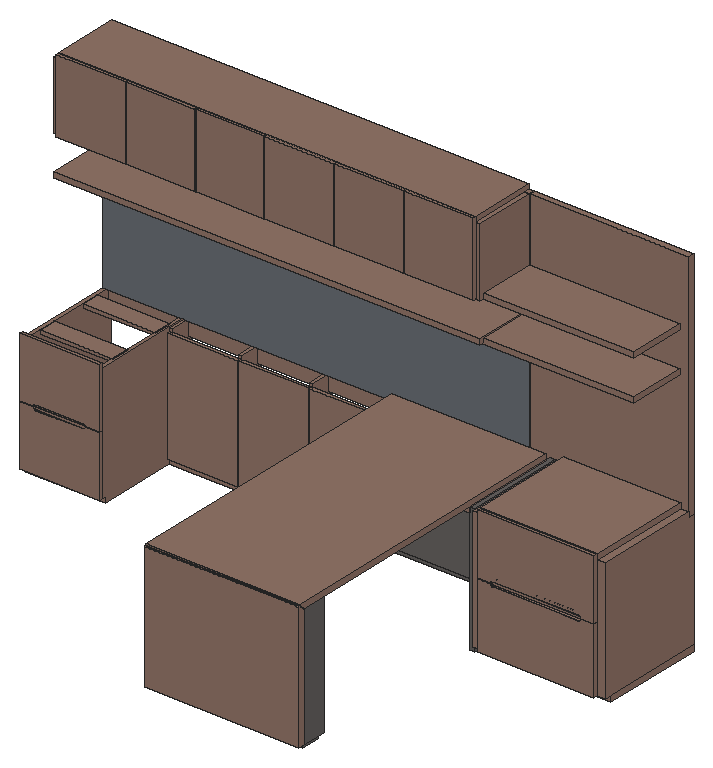
Revit family "OFS TYPICAL T100011", category Furniture, Revit 2022
Family settings
  OmniClass Number = 23.40.20.00
  OmniClass Title = General Furniture and Specialties
  Work Plane-Based = No
  Always vertical = Yes
  Cut with Voids When Loaded = No
  Render Appearance Source = Family Geometry
  Shared = No
  Room Calculation Point = No
Parameters (values of type "T100011")
  Worksurface [instance] = OFS SLATE Dark Wood
  URL = "http://ofs.com/"
  Right = no
  Model = "T100011"
  Manufacturer = "OFS"
  Description = "OFS TYPICAL T100011"
  Default Elevation = 0' - 0"
  Copyright © = "©OFS 2024"
  Catalog = ""
  Authoring Version = "Autodesk Revit 2018"
  Assembly Code = "E2020200"
Reference planes (in)
  plane 1 "Center Front/Back": y = 0
  plane 2: z = 0
  plane 3 "Center Left/Right": x = 0
Forms (in)
  Extrusion 1, solid, material "OFS SLATE Dark Wood" <- "Worksurface", visible <- "Right"
    sketch origin (-98.5, -34.8125, 0) x (-1, 0, 0) y (0, 0, -1)
      loop
        line (-2.5, -29.16972) -> (-2.5, -28) -> (-68.91556, -28) -> (-69.87153, -28.95597)
        arc (-69.87153, -28.95597) -> (-69.89868, -29.09242) -> (-69.783, -29.16972) r 0.12521
        line (-69.783, -29.16972) -> (-2.5, -29.16972)
    from -10.03839 to -34.8125
Dimensions and locks (in)
  nested 4 to nested 3 = 11' - 0"
  nested 3 to nested 5 = 11' - 0"
  aligned and locked: level to plane 2
Nested families (in)
  nested 1: "OFS SLATE MODULAR PEDESTAL" at (-96, 0.0625, 0), type "Modular Pedestal Center Pull"
    with Top OFS SLATE Dark Wood, Panel OFS SLATE Dark Wood, Mount Panel OFS SLATE Dark Wood, Glides OFS SLATE Black Plastic, Drawers OFS SLATE Dark Wood, Base OFS SLATE Dark Wood
  nested 2: "OFS SLATE MODULAR ACCESS KNEESPACE SUPPORT PANEL" at (-72.0625, 4.75, 0), type "MODULAR ACCESS KNEESPACE SUPPORT PANEL 3 Doors 48W"
    with Surface OFS SLATE Dark Wood
  nested 3: "OFS SLATE WALLMOUNT PANEL WITH SHELF VENEER PARTIAL HEIGHT B" at (18, -12, 0), type "WALLMOUNT PANEL WITH RIGHT SHELF VENEER 3.5H 36in - 1.5H Shelf"
    with Chasis OFS SLATE Dark Wood, C6J Intermediate Shelf yes, C6J yes
  nested 4: "OFS SLATE WALLMOUNT PANEL FABRIC COVERED 2H" at (-48, -12, 0), type "WALLMOUNT PANEL FABRIC COVERED 2H 96""
    with Panel OFS SLATE Fabric Cover
  nested 5: "OFS SLATE OVERLAY WALLMOUNT ORGANIZER W HINGED DOORS _ OPEN SHELF 1.5H" at (-48, -12, 0), type "OVERLAY WALLMOUNT ORGANIZER W 6 HINGED DOORS & OPEN SHELF 1.5H 96""
    with Glides OFS SLATE Black Plastic, Front Panel Finish OFS SLATE Dark Wood, Chasis OFS SLATE Dark Wood
  nested 6: "OFS SLATE WORKWALL OVERLAY CREDENZAS" at (6.00726, 0.0026, 0), type "SLATE WORKWALL OVERLAY CREDENZA LATERAL FILE 36""
    with Width 2' - 6", Top OFS Dark Wood, Panel OFS Dark Wood, Length 2 0' - 0.063", Length 1 1' - 7.255", Glides OFS Black Plastic, Drawers OFS Dark Wood, Case OFS Dark Wood, Base OFS Dark Wood, 6 Drawers no, 4 Drawers no, 2 Drawers yes
  nested 7: "OFS SLATE OVERLAY WORK TABLE HEIGHT ADJUSTABLE Workwall" at (6, 0, 0) x (0, -1, 0) z (0, 0, 1), type "OVERLAY WORK TABLE HEIGHT ADJUSTABLE 72W x 36D Right- Workwall"
    with Worksurface OFS SLATE Dark Wood, Panel OFS SLATE Black Wood, Feet OFS SLATE White Glide
Definition of nested family "OFS SLATE MODULAR PEDESTAL"
  Parameters (values of type "Modular Pedestal Top Pull")
    URL = "http://www.ofs.com/"
    Type = 1
    Top [instance] = none
    Panel [instance] = none
    Mount Panel [instance] = none
    Model = "CA-1824MC-1"
    Manufacturer = "CAROLINA"
    Glides [instance] = none
    Drawers [instance] = none
    Description = "OFS SLATE Modular Pedestal Top Pull"
    Default Elevation = 0' - 0"
    Copyright © = "© 2019 OFS"
    Catalog = "https://ofs.com/products/tables/conference/slate"
    Base [instance] = none
    Authoring Version = "Autodesk Revit Architecture 2014"
    Assembly Code = "E2020200"
    Center Pull = or(Type = 2, Type = 4, Type = 6)  # no
    Top Pull = or(Type = 1, Type = 3, Type = 5)  # yes
  Types (2): name | Type | Model | Description | Center Pull | Top Pull
    Modular Pedestal Center Pull | 2 | "CA-1824MC-2" | "OFS SLATE Modular Pedestal Center Pull" | yes | no
    Modular Pedestal Top Pull | 1 | "CA-1824MC-1" | "OFS SLATE Modular Pedestal Top Pull" | no | yes
  Reference planes (in)
    plane 1 "Center (Front/Back)": y = 0
    plane 2: z = 0
    plane 3 "Center (Left/Right)": x = 0
    plane 4: z = 29.2
    plane 5: z = 28.0125
    plane 6: z = 27.2625
    plane 7: z = 14.45
    plane 8: z = 15.48125
    plane 9: z = 0.45
    plane 10: x = 17.9375
    plane 11: y = -24.83661
  Forms (in)
    Revolve 1, solid, material <- "Glides"
      sketch origin (1.39612, -1.00602, 47.24409) x (0, -1, 0) y (0, 0, 1)
        loop
          line (0.3731, -47.24409) -> (0.3731, -46.79409) -> (0.08442, -46.79409) -> (0.08442, -46.99165)
          arc (0.08442, -46.99165) -> (-0.00059, -47.13636) -> (0.1281, -47.24409) r 0.12988
          line (0.1281, -47.24409) -> (0.3731, -47.24409)
        axis (0.3731, -46.79409) -> (0.3731, -47.24409)
      angle from 0 to 360
    Extrusion 2, solid, material <- "Mount Panel"
      sketch origin (40.3125, 0, 0) x (1, 0, 0) y (0, 0, 1)
        loop
          line (-39.5625, 0.45) -> (-23.0625, 0.45) -> (-23.0625, 4.45) -> (-39.5625, 4.45) -> (-39.5625, 0.45)
      from 0.75 to 0
    Extrusion 3, solid, material <- "Mount Panel"
      sketch origin (40.3125, 0, 0) x (1, 0, 0) y (0, 0, 1)
        loop
          line (-39.5625, 24.0125) -> (-23.0625, 24.0125) -> (-23.0625, 28.0125) -> (-39.5625, 28.0125) -> (-39.5625, 24.0125)
      from 0.75 to 0
    Extrusion 4, void
      sketch origin (0, 0, 0) x (1, 0, 0) y (0, 0, 1)
        loop
          line (14.39288, 15.98125) -> (3.67828, 15.98125)
          arc (3.67828, 15.98125) -> (3.11697, 15.41999) -> (3.67819, 14.85862) r 0.56131
          line (3.67819, 14.85862) -> (14.39278, 14.85678)
          arc (14.39278, 14.85678) -> (14.95511, 15.41897) -> (14.39288, 15.98125) r 0.56224
      from 24.51989 to 28.22893
    Extrusion 5, solid, material <- "Base"
      sketch origin (-71.875, 0, 1.7) x (0, -1, 0) y (-1, 0, 0)
        loop
          line (16, -72.625) -> (16, -89.125) -> (20, -89.125) -> (20, -72.625) -> (16, -72.625)
      from -25.5625 to -26.3125
    Extrusion 6, solid, material <- "Base"
      sketch origin (-71.875, 0, 1.7) x (0, -1, 0) y (-1, 0, 0)
        loop
          line (4, -72.625) -> (4, -89.125) -> (8, -89.125) -> (8, -72.625) -> (4, -72.625)
      from -25.5625 to -26.3125
    Revolve 7, solid, material <- "Glides"
      sketch origin (1.39612, -21.38014, 47.24409) x (0, -1, 0) y (0, 0, 1)
        loop
          line (0.3731, -47.24409) -> (0.3731, -46.79409) -> (0.08442, -46.79409) -> (0.08442, -46.99165)
          arc (0.08442, -46.99165) -> (-0.00059, -47.13636) -> (0.1281, -47.24409) r 0.12988
          line (0.1281, -47.24409) -> (0.3731, -47.24409)
        axis (0.3731, -46.79409) -> (0.3731, -47.24409)
      angle from 0 to 360
    Extrusion 8, solid, material <- "Panel"
      sketch origin (-71.875, 0, 1.7) x (0, -1, 0) y (-1, 0, 0)
        loop
          line (0.75, -72.625) -> (0.75, -89.125) -> (23.0625, -89.125) -> (23.0625, -72.625) -> (0.75, -72.625)
      from 1.25 to -0.75
    Extrusion 9, solid, material <- "Panel"
      sketch origin (50, 0, 0) x (1, 0, 0) y (0, 0, 1)
        loop
          line (-32.75, 28.0125) -> (-32.75, 0.45) -> (-32.0625, 0.45) -> (-32.0625, 28.0125) -> (-32.75, 28.0125)
      from 23.9375 to 0
    Extrusion 10, solid, material <- "Drawers"
      sketch origin (118.00657, -24, -10.53379) x (1, 0, 0) y (0, 0, 1)
        loop
          line (-117.94407, 39.67129) -> (-117.94407, 26.01504) -> (-100.06907, 26.01504) -> (-100.06907, 39.67129) -> (-117.94407, 39.67129)
        loop
          line (-117.94407, 12.23379) -> (-100.06907, 12.23379) -> (-100.06907, 25.89004) -> (-117.94407, 25.89004) -> (-117.94407, 12.23379)
      from -0.0625 to 0.6875
    Extrusion 11, solid, material <- "Panel"
      sketch origin (50, 0, 0) x (1, 0, 0) y (0, 0, 1)
        loop
          line (-50, 28.0125) -> (-50, 0.45) -> (-49.25, 0.45) -> (-49.25, 28.0125) -> (-50, 28.0125)
      from 23.9375 to 0
    Extrusion 12, void
      sketch origin (0, 0, 23.03711) x (0, 0, 1) y (0, 1, 0)
        loop
          line (-22.58711, -23.0625) -> (-22.58711, -24) -> (-21.33711, -24) -> (-21.33711, -23.0625) -> (-22.58711, -23.0625)
      from -21.88085 to 3.15176
    Extrusion 13, solid, material <- "Drawers", visible <- "Top Pull"
      sketch origin (0, 0, 23.03711) x (0, 0, 1) y (0, 1, 0)
        loop
          line (-21.33711, -24.6875) -> (6.10039, -24.6875) -> (6.10039, -24.45475)
          arc (6.10039, -24.45475) -> (6.08587, -24.38174) -> (6.04451, -24.31984) r 0.19079
          line (6.04451, -24.31984) -> (5.66217, -23.9375) -> (-21.33711, -23.9375) -> (-21.33711, -24.6875)
      from -17.9375 to -0.0625
    Revolve 14, solid, material <- "Glides"
      sketch origin (16.60388, -1.00602, 47.24409) x (0, -1, 0) y (0, 0, 1)
        loop
          line (0.3731, -47.24409) -> (0.3731, -46.79409) -> (0.08442, -46.79409) -> (0.08442, -46.99165)
          arc (0.08442, -46.99165) -> (-0.00059, -47.13636) -> (0.1281, -47.24409) r 0.12988
          line (0.1281, -47.24409) -> (0.3731, -47.24409)
        axis (0.3731, -46.79409) -> (0.3731, -47.24409)
      angle from 0 to 360
    Revolve 15, solid, material <- "Glides"
      sketch origin (16.60388, -21.38014, 47.24409) x (0, -1, 0) y (0, 0, 1)
        loop
          line (0.3731, -47.24409) -> (0.3731, -46.79409) -> (0.08442, -46.79409) -> (0.08442, -46.99165)
          arc (0.08442, -46.99165) -> (-0.00059, -47.13636) -> (0.1281, -47.24409) r 0.12988
          line (0.1281, -47.24409) -> (0.3731, -47.24409)
        axis (0.3731, -46.79409) -> (0.3731, -47.24409)
      angle from 0 to 360
  Cuts and joins
    Extrusion 4 cuts Extrusion 10
    Extrusion 12 cuts Extrusion 9
    Extrusion 12 cuts Extrusion 11
    joined: Extrusion 8, Extrusion 9, Extrusion 11
  Lines and regions (in)
    Masking region 1
      outline origin (100, -50, 0) x (1, 0, 0) y (0, 1, 0)
        loop
          line (-82.0625, 50) -> (-100, 50) -> (-100, 25.16339) -> (-82.0625, 25.16339) -> (-82.0625, 50)
  Dimensions and locks (in)
    aligned and locked: level to plane 2
Definition of nested family "OFS SLATE MODULAR ACCESS KNEESPACE SUPPORT PANEL"
  Parameters (values of type "MODULAR ACCESS KNEESPACE SUPPORT PANEL 2 Doors 36W")
    Width = 3' - 0"
    URL = "http://www.ofs.com/"
    Surface [instance] = none
    Model = "CA-3628MK"
    Mid Board = yes
    Metal Hook = none
    Manufacturer = "CAROLINA"
    Height = 2' - 4"
    Glides Material = none
    Glidem = yes
    Hook Board = no
    Description = "OFS SLATE MODULAR ACCESS KNEESPACE SUPPORT PANEL, 2 Door, 36\" Width, Hinged Door Support Wall"
    Depth = 0' - 5 3/4"
    Default Elevation = 0' - 0"
    Copyright © = "© 2019 OFS"
    Catalog = "https://ofs.com/products/tables/conference/slate"
    Board Thickness = 0' - 0 3/4"
    Authoring Version = "Autodesk Revit Architecture 2014"
    Assembly Code = "E2020200"
    Gap = 0' - 0 1/16"
    4 Doors = no
    3 Doors = no
    MidLat Boards = no
    2 Doors = yes
    1 Door = no
  Types (9): name | Width | Model | Mid Board | Glidem | Hook Board | Description | 4 Doors | 3 Doors | MidLat Boards | 2 Doors | 1 Door
    MODULAR ACCESS KNEESPACE SUPPORT PANEL 1 Door 18W | 1' - 6" | "CA-1828MK" | no | no | no | "OFS SLATE MODULAR ACCESS KNEESPACE SUPPORT PANEL, 1 Door, 18\" Width, Hinged Door Support Wall" | no | no | no | no | yes
    MODULAR ACCESS KNEESPACE SUPPORT PANEL 2 Doors 30W | 2' - 6" | "CA-3028MK" | yes | yes | no | "OFS SLATE MODULAR ACCESS KNEESPACE SUPPORT PANEL, 2 Door, 30\" Width, Hinged Door Support Wall" | no | no | no | yes | no
    MODULAR ACCESS KNEESPACE SUPPORT PANEL 2 Doors 36W | 3' - 0" | "CA-3628MK" | yes | yes | no | "OFS SLATE MODULAR ACCESS KNEESPACE SUPPORT PANEL, 2 Door, 36\" Width, Hinged Door Support Wall" | no | no | no | yes | no
    MODULAR ACCESS KNEESPACE SUPPORT PANEL 3 Doors 42W | 3' - 6" | "CA-4228MK" | no | no | no | "OFS SLATE MODULAR ACCESS KNEESPACE SUPPORT PANEL, 3 Door, 42\" Width, Hinged Door Support Wall" | no | yes | no | no | no
    MODULAR ACCESS KNEESPACE SUPPORT PANEL 3 Doors 48W | 4' - 0" | "CA-4828MK" | no | no | no | "OFS SLATE MODULAR ACCESS KNEESPACE SUPPORT PANEL, 3 Door, 48\" Width, Hinged Door Support Wall" | no | yes | no | no | no
    MODULAR ACCESS KNEESPACE SUPPORT PANEL 3 Doors 54W | 4' - 6" | "CA-5428MK" | no | no | yes | "OFS SLATE MODULAR ACCESS KNEESPACE SUPPORT PANEL, 3 Door, 54\" Width, Hinged Door Support Wall" | no | yes | no | no | no
    MODULAR ACCESS KNEESPACE SUPPORT PANEL 4 Doors 60W | 5' - 0" | "CA-6028MK" | no | yes | yes | "OFS SLATE MODULAR ACCESS KNEESPACE SUPPORT PANEL, 4 Door, 60\" Width, Hinged Door Support Wall" | yes | no | yes | no | no
    MODULAR ACCESS KNEESPACE SUPPORT PANEL 4 Doors 66W | 5' - 6" | "CA-6628MK" | no | yes | yes | "OFS SLATE MODULAR ACCESS KNEESPACE SUPPORT PANEL, 4 Door, 66\" Width, Hinged Door Support Wall" | yes | no | yes | no | no
    MODULAR ACCESS KNEESPACE SUPPORT PANEL 4 Doors 72W | 6' - 0" | "CA-7228MK" | no | yes | yes | "OFS SLATE MODULAR ACCESS KNEESPACE SUPPORT PANEL, 4 Door, 72\" Width, Hinged Door Support Wall" | yes | no | yes | no | no
  Reference planes (in)
    plane 1 "Back": y = -4.75
    plane 2: z = 0
    plane 3 "Left": x = 0
    plane 4 "Center (Left/Right)": x = 18
    plane 5 "Right": x = 36
    plane 6 "Center (Front/Back)": y = -7.625
    plane 7 "Front": y = -10.5
    plane 8: z = 28
    plane 9: y = -9.75
    plane 10: y = -5.5
    plane 11: x = 0.75
    plane 12: x = 35.25
    plane 13: z = 1.95
    plane 14: z = 1.7
    plane 15: z = 27.25
    plane 16: z = 24.75
    plane 17: z = 0.45
    plane 18: x = 18.375
    plane 19: x = 17.625
    plane 20: x = 27
    plane 21: x = 27.375
    plane 22: x = 26.625
    plane 23: x = 9
    plane 24: x = 8.625
    plane 25: x = 9.375
    plane 26: x = 18.03125
    plane 27: x = 17.96875
    plane 28: x = 27.03125
    plane 29: x = 26.96875
    plane 30: x = 9.03125
    plane 31: x = 8.96875
    plane 32: x = 24
    plane 33: x = 24.375
    plane 34: x = 23.625
    plane 35: x = 24.03125
    plane 36: x = 23.96875
    plane 37: x = 12
    plane 38: x = 12.375
    plane 39: x = 11.625
    plane 40: x = 12.03125
    plane 41: x = 11.96875
    plane 42: x = 16
    plane 43: x = 20
    plane 44: y = -6.25
    plane 45: x = 16.9375
    plane 46: x = 19.0625
  Forms (in)
    Extrusion 1, solid, material <- "Surface"
      sketch origin (0, 0, 0) x (1, 0, 0) y (0, 1, 0)
        loop
          line (0.75, -4.75) -> (0.75, -5.5) -> (35.25, -5.5) -> (35.25, -4.75) -> (0.75, -4.75)
      from 24.75 to 28
    Extrusion 2, solid, material <- "Surface", visible <- "1 Door"
      sketch origin (1.94454, -1.94454, 0) x (1, 0, 0) y (0, 1, 0)
        loop
          line (-1.94454, -7.80546) -> (-1.94454, -8.55546) -> (34.05546, -8.55546) -> (34.05546, -7.80546) -> (-1.94454, -7.80546)
      from 1.7 to 27.25
    Extrusion 3, solid, material <- "Surface"
      sketch origin (25.71098, 1.39561, 0) x (1, 0, 0) y (0, 1, 0)
        loop
          line (9.53902, -6.14561) -> (9.53902, -11.14561) -> (10.28902, -11.14561) -> (10.28902, -6.14561) -> (9.53902, -6.14561)
      from 1.95 to 28
    Extrusion 4, solid, material <- "Surface"
      sketch origin (12.23779, 3.14561, 0) x (1, 0, 0) y (0, 1, 0)
        loop
          line (-12.23779, -7.89561) -> (-12.23779, -12.89561) -> (-11.48779, -12.89561) -> (-11.48779, -7.89561) -> (-12.23779, -7.89561)
      from 1.95 to 28
    Extrusion 5, solid, material <- "Surface"
      sketch origin (0, 0, 0) x (1, 0, 0) y (0, 1, 0)
        loop
          line (0, -4.75) -> (0, -9.75) -> (36, -9.75) -> (36, -4.75) -> (0, -4.75)
      from 0.45 to 1.95
    Revolve 6, solid, material <- "Glides Material"
      sketch origin (21.875, -7.625, 0) x (-1, 0, 0) y (0, 0, 1)
        loop
          line (20.43426, 0.45) -> (20.43426, 0) -> (20.67926, 0)
          arc (20.67926, 0) -> (20.80736, 0.10784) -> (20.72294, 0.25244) r 0.13
          line (20.72294, 0.25244) -> (20.72294, 0.45) -> (20.43426, 0.45)
        axis (20.43426, 0) -> (20.43426, 0.45)
      angle from 0 to 360
    Revolve 7, solid, material <- "Glides Material"
      sketch origin (14.125, -7.625, 0) x (1, 0, 0) y (0, 0, 1)
        loop
          line (20.43426, 0.45) -> (20.43426, 0) -> (20.67926, 0)
          arc (20.67926, 0) -> (20.80736, 0.10784) -> (20.72294, 0.25244) r 0.13
          line (20.72294, 0.25244) -> (20.72294, 0.45) -> (20.43426, 0.45)
        axis (20.43426, 0) -> (20.43426, 0.45)
      angle from 0 to 360
    Extrusion 8, solid, material <- "Surface", visible <- "Mid Board"
      sketch origin (18, 0, 0) x (0, 1, 0) y (0, 0, 1)
        loop
          line (-4.75, 24.75) -> (-5.5, 24.75) -> (-5.5, 28) -> (-9.75, 28) -> (-9.75, 1.95) -> (-4.75, 1.95) -> (-4.75, 24.75)
      from -0.375 to 0.375
    Revolve 9, solid, material <- "Glides Material", visible <- "Glidem"
      sketch origin (0.56574, -7.625, 0) x (1, 0, 0) y (0, 0, 1)
        loop
          line (17.43426, 0.45) -> (17.43426, 0) -> (17.67926, 0)
          arc (17.67926, 0) -> (17.80736, 0.10784) -> (17.72294, 0.25244) r 0.13
          line (17.72294, 0.25244) -> (17.72294, 0.45) -> (17.43426, 0.45)
        axis (17.43426, 0) -> (17.43426, 0.45)
      angle from 0 to 360
    Extrusion 10, solid, material <- "Surface", visible <- "MidLat Boards"
      sketch origin (10.5, 0, 0) x (0, 1, 0) y (0, 0, 1)
        loop
          line (-4.75, 24.75) -> (-5.5, 24.75) -> (-5.5, 28) -> (-9.75, 28) -> (-9.75, 1.95) -> (-4.75, 1.95) -> (-4.75, 24.75)
      from -1.875 to -1.125
    Revolve 11, solid, material <- "Glides Material", visible <- "MidLat Boards"
      sketch origin (-6.93426, -7.625, 0) x (1, 0, 0) y (0, 0, 1)
        loop
          line (15.93426, 0.45) -> (15.93426, 0) -> (16.17926, 0)
          arc (16.17926, 0) -> (16.30736, 0.10784) -> (16.22294, 0.25244) r 0.13
          line (16.22294, 0.25244) -> (16.22294, 0.45) -> (15.93426, 0.45)
        axis (15.93426, 0) -> (15.93426, 0.45)
      angle from 0 to 360
    Extrusion 12, solid, material <- "Surface", visible <- "MidLat Boards"
      sketch origin (25.5, 0, 0) x (0, 1, 0) y (0, 0, 1)
        loop
          line (-4.75, 24.75) -> (-5.5, 24.75) -> (-5.5, 28) -> (-9.75, 28) -> (-9.75, 1.95) -> (-4.75, 1.95) -> (-4.75, 24.75)
      from 1.125 to 1.875
    Revolve 13, solid, material <- "Glides Material", visible <- "MidLat Boards"
      sketch origin (8.06574, -7.625, 0) x (1, 0, 0) y (0, 0, 1)
        loop
          line (18.93426, 0.45) -> (18.93426, 0) -> (19.17926, 0)
          arc (19.17926, 0) -> (19.30736, 0.10784) -> (19.22294, 0.25244) r 0.13
          line (19.22294, 0.25244) -> (19.22294, 0.45) -> (18.93426, 0.45)
        axis (18.93426, 0) -> (18.93426, 0.45)
      angle from 0 to 360
    Extrusion 14, solid, material <- "Surface", visible <- "2 Doors"
      sketch origin (25.94454, -4.06586, 0) x (1, 0, 0) y (0, 1, 0)
        loop
          line (-25.94454, -5.68414) -> (-25.94454, -6.43414) -> (-7.97579, -6.43414) -> (-7.97579, -5.68414) -> (-25.94454, -5.68414)
        loop
          line (-7.91329, -5.68414) -> (-7.91329, -6.43414) -> (10.05546, -6.43414) -> (10.05546, -5.68414) -> (-7.91329, -5.68414)
      from 1.7 to 27.25
    Extrusion 15, solid, material <- "Surface", visible <- "4 Doors"
      sketch origin (42.56954, -7.56586, 0) x (1, 0, 0) y (0, 1, 0)
        loop
          line (-42.56954, -2.18414) -> (-42.56954, -2.93414) -> (-33.60079, -2.93414) -> (-33.60079, -2.18414) -> (-42.56954, -2.18414)
        loop
          line (-33.53829, -2.18414) -> (-33.53829, -2.93414) -> (-24.60079, -2.93414) -> (-24.60079, -2.18414) -> (-33.53829, -2.18414)
        loop
          line (-24.53829, -2.18414) -> (-24.53829, -2.93414) -> (-15.60079, -2.93414) -> (-15.60079, -2.18414) -> (-24.53829, -2.18414)
        loop
          line (-15.53829, -2.18414) -> (-15.53829, -2.93414) -> (-6.56954, -2.93414) -> (-6.56954, -2.18414) -> (-15.53829, -2.18414)
      from 1.7 to 27.25
    Extrusion 16, void
      sketch origin (18, 0, 0) x (0, 1, 0) y (0, 0, 1)
        loop
          circle (-7.625, 7.24988) r 1
      from -18 to 18
    Extrusion 17, solid, material <- "Surface", visible <- "3 Doors"
      sketch origin (44.30159, -8.56586, 0) x (1, 0, 0) y (0, 1, 0)
        loop
          line (-44.30159, -1.18414) -> (-44.30159, -1.93414) -> (-32.33284, -1.93414) -> (-32.33284, -1.18414) -> (-44.30159, -1.18414)
        loop
          line (-32.27034, -1.18414) -> (-32.27034, -1.93414) -> (-20.33284, -1.93414) -> (-20.33284, -1.18414) -> (-32.27034, -1.18414)
        loop
          line (-20.27034, -1.18414) -> (-20.27034, -1.93414) -> (-8.30159, -1.93414) -> (-8.30159, -1.18414) -> (-20.27034, -1.18414)
      from 1.7 to 27.25
    Extrusion 18, solid, material <- "Surface", visible <- "Hook Board"
      sketch origin (24.25, 3.25, 0) x (1, 0, 0) y (0, 1, 0)
        loop
          line (-8.25, -8.75) -> (-8.25, -9.5) -> (-4.25, -9.5) -> (-4.25, -8.75) -> (-8.25, -8.75)
      from 1.95 to 28
    Extrusion 19, solid, material <- "Surface", visible <- "Hook Board"
      sketch origin (29.55797, 0.61165, 0) x (1, 0, 0) y (0, 1, 0)
        loop
          line (-11.93297, -6.86165) -> (-11.93297, -10.36165) -> (-11.18297, -10.36165) -> (-11.18297, -6.86165) -> (-11.93297, -6.86165)
      from 1.95 to 24
    Extrusion 20, solid, material <- "Metal Hook", visible <- "Hook Board"
      sketch origin (0, -7.625, 0) x (-1, 0, 0) y (0, 0, 1)
        loop
          line (-16.9375, 27) -> (-16.9375, 27.87338)
          arc (-16.9375, 27.87338) -> (-16.97458, 27.96291) -> (-17.06412, 28) r 0.12662
          line (-17.06412, 28) -> (-18.93588, 28)
          arc (-18.93588, 28) -> (-19.02542, 27.96291) -> (-19.0625, 27.87338) r 0.12662
          line (-19.0625, 27.87338) -> (-19.0625, 27) -> (-18.51912, 24.10196)
          arc (-18.51912, 24.10196) -> (-18.47609, 24.02881) -> (-18.39626, 24) r 0.125
          line (-18.39626, 24) -> (-17.60374, 24)
          arc (-17.60374, 24) -> (-17.52391, 24.02881) -> (-17.48088, 24.10196) r 0.125
          line (-17.48088, 24.10196) -> (-16.9375, 27)
      from 1.375 to 1.25
    Extrusion 21, solid, material <- "Metal Hook", visible <- "Hook Board"
      sketch origin (-116.70954, -7.625, 0.05) x (-1, 0, 0) y (0, 0, 1)
        loop
          line (-134.95954, 24.8875) -> (-134.95954, 27.7625)
          arc (-134.95954, 27.7625) -> (-134.94123, 27.80669) -> (-134.89704, 27.825) r 0.0625
          line (-134.89704, 27.825) -> (-134.33454, 27.825) -> (-134.33454, 27.95) -> (-134.89704, 27.95)
          arc (-134.89704, 27.95) -> (-135.02962, 27.89508) -> (-135.08454, 27.7625) r 0.1875
          line (-135.08454, 27.7625) -> (-135.08454, 24.8875) -> (-134.95954, 24.8875)
      from 1.25 to -11.5
    Extrusion 22, void
      sketch origin (18, 0, 0) x (0, 1, 0) y (0, 0, 1)
        loop
          line (-7.82316, 26.75442) -> (-19.00754, 27.4304)
          arc (-19.00754, 27.4304) -> (-19.09577, 27.46695) -> (-19.13231, 27.55517) r 0.12477
          line (-19.13231, 27.55517) -> (-20.83289, 27.55517) -> (-20.83289, 24.77498) -> (-6.79541, 24.77498) -> (-7.71814, 26.68399)
          arc (-7.71814, 26.68399) -> (-7.76109, 26.73347) -> (-7.82316, 26.75442) r 0.125
      from -1.0625 to 1.0625
    Extrusion 23, solid, material <- "Surface", visible <- "3 Doors"
      sketch origin (13, 0, 0) x (0, 1, 0) y (0, 0, 1)
        loop
          line (-4.75, 24.75) -> (-5.5, 24.75) -> (-5.5, 28) -> (-9.75, 28) -> (-9.75, 1.95) -> (-4.75, 1.95) -> (-4.75, 24.75)
      from -1.375 to -0.625
    Extrusion 24, solid, material <- "Surface", visible <- "3 Doors"
      sketch origin (21, 0, 0) x (0, 1, 0) y (0, 0, 1)
        loop
          line (-4.75, 24.75) -> (-5.5, 24.75) -> (-5.5, 28) -> (-9.75, 28) -> (-9.75, 1.95) -> (-4.75, 1.95) -> (-4.75, 24.75)
      from 2.625 to 3.375
    Revolve 25, solid, material <- "Glides Material", visible <- "3 Doors"
      sketch origin (-2.43426, -7.625, 0) x (1, 0, 0) y (0, 0, 1)
        loop
          line (14.43426, 0.45) -> (14.43426, 0) -> (14.67926, 0)
          arc (14.67926, 0) -> (14.80736, 0.10784) -> (14.72294, 0.25244) r 0.13
          line (14.72294, 0.25244) -> (14.72294, 0.45) -> (14.43426, 0.45)
        axis (14.43426, 0) -> (14.43426, 0.45)
      angle from 0 to 360
    Revolve 26, solid, material <- "Glides Material", visible <- "3 Doors"
      sketch origin (15.56574, -7.625, 0) x (1, 0, 0) y (0, 0, 1)
        loop
          line (8.43426, 0.45) -> (8.43426, 0) -> (8.67926, 0)
          arc (8.67926, 0) -> (8.80736, 0.10784) -> (8.72294, 0.25244) r 0.13
          line (8.72294, 0.25244) -> (8.72294, 0.45) -> (8.43426, 0.45)
        axis (8.43426, 0) -> (8.43426, 0.45)
      angle from 0 to 360
  Cuts and joins
    Extrusion 16 cuts Extrusion 3
    Extrusion 16 cuts Extrusion 4
    Extrusion 22 cuts Extrusion 21
  Dimensions and locks (in)
    equal spacing: plane 3 "Left", plane 4 "Center (Left/Right)", plane 5 "Right"
    "Width": plane 3 "Left" to plane 5 "Right"
    equal spacing: plane 7 "Front", plane 6 "Center (Front/Back)", plane 1 "Back"
    "Depth": plane 7 "Front" to plane 1 "Back"
    "Height": plane 8 to level
    "Board Thickness": plane 7 "Front" to plane 9
    "Board Thickness": plane 1 "Back" to plane 10
    "Board Thickness": plane 3 "Left" to plane 11
    "Board Thickness": plane 12 to plane 5 "Right"
    plane 8 to plane 15 to plane 16 = 0' - 0 3/4" locked, 0' - 2 1/2" locked
    plane 13 to plane 14 to plane 17 to level = 0' - 0 1/4" locked, 0' - 1 1/4" locked, 0' - 0.45" locked
    equal spacing: plane 19, plane 4 "Center (Left/Right)", plane 18
    "Board Thickness": plane 19 to plane 18
    equal spacing: plane 22, plane 20, plane 21
    "Board Thickness": plane 22 to plane 21
    equal spacing: plane 25, plane 23, plane 24
    "Board Thickness": plane 25 to plane 24
    equal spacing: plane 3 "Left", plane 23, plane 4 "Center (Left/Right)"
    equal spacing: plane 4 "Center (Left/Right)", plane 20, plane 5 "Right"
    equal spacing: plane 27, plane 4 "Center (Left/Right)", plane 26
    "Gap": plane 27 to plane 26
    "Gap": plane 29 to plane 28
    "Gap": plane 31 to plane 30
    equal spacing: plane 31, plane 23, plane 30
    equal spacing: plane 29, plane 20, plane 28
    equal spacing: plane 34, plane 32, plane 33
    "Board Thickness": plane 34 to plane 33
    equal spacing: plane 36, plane 32, plane 35
    "Gap": plane 36 to plane 35
    equal spacing: plane 39, plane 37, plane 38
    "Board Thickness": plane 39 to plane 38
    equal spacing: plane 41, plane 37, plane 40
    "Gap": plane 41 to plane 40
    equal spacing: plane 3 "Left", plane 37, plane 32, plane 5 "Right"
    locked: plane 42 to plane 4 "Center (Left/Right)" at 2
    locked: plane 43 to plane 4 "Center (Left/Right)" at 2
    "Board Thickness": plane 10 to plane 44
    plane 45 to plane 4 "Center (Left/Right)" to plane 46 = 0' - 1 1/16" locked, 0' - 1 1/16" locked
    aligned and locked: level to plane 2
    aligned and locked: plane 1 "Back" to Extrusion 1 sketch curve
    aligned and locked: plane 10 to Extrusion 1 sketch curve
    aligned and locked: plane 11 to Extrusion 1 sketch curve
    aligned and locked: plane 12 to Extrusion 1 sketch curve
    aligned and locked: plane 7 "Front" to Extrusion 2
    aligned and locked: Extrusion 2 to plane 9
    aligned and locked: Extrusion 2 to plane 3 "Left"
    aligned and locked: plane 5 "Right" to Extrusion 2
    aligned and locked: plane 12 to Extrusion 3
    aligned and locked: plane 5 "Right" to Extrusion 3
    aligned and locked: plane 9 to Extrusion 3
    aligned and locked: Extrusion 3 to plane 1 "Back"
    aligned and locked: Extrusion 4 to plane 3 "Left"
    aligned and locked: plane 11 to Extrusion 4
    aligned and locked: plane 9 to Extrusion 4
    aligned and locked: Extrusion 4 to plane 1 "Back"
    aligned and locked: Extrusion 4 to plane 13
    aligned and locked: Extrusion 3 to plane 13
    aligned and locked: Extrusion 2 to plane 14
    aligned and locked: plane 8 to Extrusion 4
    aligned and locked: plane 8 to Extrusion 3
    aligned and locked: plane 8 to Extrusion 1
    aligned and locked: plane 15 to Extrusion 2
    aligned and locked: Extrusion 1 to plane 16
    aligned and locked: plane 3 "Left" to Extrusion 5 sketch curve
    aligned and locked: Extrusion 5 sketch curve to plane 5 "Right"
    aligned and locked: plane 1 "Back" to Extrusion 5 sketch curve
    aligned and locked: Extrusion 5 sketch curve to plane 9
    aligned and locked: Extrusion 5 to plane 17
    aligned and locked: Extrusion 5 to plane 13
    aligned and locked: plane 9 to Extrusion 8 sketch curve
    aligned and locked: plane 8 to Extrusion 8 sketch curve
    aligned and locked: plane 10 to Extrusion 8 sketch curve
    aligned and locked: plane 16 to Extrusion 8 sketch curve
    aligned and locked: Extrusion 8 sketch curve to plane 1 "Back"
    aligned and locked: Extrusion 8 sketch curve to plane 13
    aligned and locked: plane 19 to Extrusion 8
    aligned and locked: plane 18 to Extrusion 8
    aligned and locked: plane 24 to Extrusion 10
    aligned and locked: plane 25 to Extrusion 10
    aligned and locked: plane 21 to Extrusion 12
    aligned and locked: plane 22 to Extrusion 12
    aligned and locked: plane 15 to Extrusion 14
    aligned and locked: Extrusion 14 to plane 14
    aligned and locked: plane 3 "Left" to Extrusion 14 sketch curve
    aligned and locked: plane 27 to Extrusion 14 sketch curve
    aligned and locked: plane 9 to Extrusion 14 sketch curve  (x2)
    aligned and locked: Extrusion 14 sketch curve to plane 7 "Front"  (x2)
    aligned and locked: plane 26 to Extrusion 14 sketch curve
    aligned and locked: Extrusion 14 sketch curve to plane 5 "Right"
    aligned and locked: plane 3 "Left" to Extrusion 15 sketch curve
    aligned and locked: plane 31 to Extrusion 15 sketch curve
    aligned and locked: plane 9 to Extrusion 15 sketch curve  (x4)
    aligned and locked: Extrusion 15 sketch curve to plane 7 "Front"  (x4)
    aligned and locked: plane 30 to Extrusion 15 sketch curve
    aligned and locked: plane 27 to Extrusion 15 sketch curve
    aligned and locked: plane 26 to Extrusion 15 sketch curve
    aligned and locked: plane 29 to Extrusion 15 sketch curve
    aligned and locked: plane 28 to Extrusion 15 sketch curve
    aligned and locked: Extrusion 15 sketch curve to plane 5 "Right"
    aligned and locked: plane 5 "Right" to Extrusion 16
    aligned and locked: Extrusion 16 to plane 3 "Left"
    aligned and locked: plane 3 "Left" to Extrusion 17 sketch curve
    aligned and locked: plane 40 to Extrusion 17 sketch curve
    aligned and locked: plane 41 to Extrusion 17 sketch curve
    aligned and locked: Extrusion 17 sketch curve to plane 5 "Right"
    aligned and locked: plane 35 to Extrusion 17 sketch curve
    aligned and locked: plane 36 to Extrusion 17 sketch curve
    aligned and locked: plane 9 to Extrusion 17 sketch curve  (x3)
    aligned and locked: Extrusion 17 sketch curve to plane 7 "Front"  (x3)
    aligned and locked: Extrusion 18 to plane 44
    aligned and locked: plane 10 to Extrusion 18
    aligned and locked: Extrusion 18 to plane 42
    aligned and locked: Extrusion 18 to plane 43
    aligned and locked: Extrusion 18 to plane 13
    aligned and locked: plane 8 to Extrusion 18
    aligned and locked: plane 19 to Extrusion 19
    aligned and locked: plane 18 to Extrusion 19
    aligned and locked: plane 44 to Extrusion 19
    aligned and locked: plane 9 to Extrusion 19
    aligned and locked: Extrusion 19 to plane 13
    aligned and locked: plane 45 to Extrusion 20
    aligned and locked: Extrusion 20 to plane 46
    aligned and locked: plane 45 to Extrusion 22
    aligned and locked: Extrusion 22 to plane 46
    aligned and locked: plane 19 to Extrusion 21
    aligned and locked: plane 18 to cut or joined group of Extrusion 21, Extrusion 22
    aligned and locked: plane 38 to Extrusion 23
    aligned and locked: plane 39 to Extrusion 23
    aligned and locked: plane 34 to Extrusion 24
    aligned and locked: plane 33 to Extrusion 24
  Automatic sketch dimensions
    Extrusion 2 sketch curve to plane 3 "Left" = 0' - 0"
    Extrusion 2 sketch curve to plane 5 "Right" = 0' - 0"
    Extrusion 2 sketch curve to plane 7 "Front" = 0' - 0"
    Extrusion 2 sketch curve to plane 9 = 0' - 0"
    plane 9 to Extrusion 3 sketch curve = 0' - 0"
    Extrusion 3 sketch curve to plane 12 = 0' - 0"
    Extrusion 3 sketch curve to plane 5 "Right" = 0' - 0"
    plane 1 "Back" to Extrusion 3 sketch curve = 0' - 0"
    Extrusion 4 sketch curve to plane 3 "Left" = 0' - 0"
    Extrusion 4 sketch curve to plane 9 = 0' - 0"
    Extrusion 4 sketch curve to plane 11 = 0' - 0"
    Extrusion 4 sketch curve to plane 1 "Back" = 0' - 0"
    Revolve 6 sketch curve to plane 17 = 0' - 0"  (x2)
    Revolve 6 sketch curve to level = 0' - 0"
    plane 11 to Revolve 6 sketch curve = 0' - 0.69074"
    Revolve 6 sketch curve to Revolve 6 sketch curve = 0' - 0.245"
    Revolve 6 sketch curve to Revolve 6 sketch curve = 0' - 0.28867"
    level to Revolve 6 sketch curve = 0' - 0.13"
    Revolve 6 sketch curve to Revolve 6 sketch curve = 0' - 0"
    plane 17 to Revolve 6 sketch curve = 0' - 0.34242"
    Revolve 7 sketch curve to plane 17 = 0' - 0"  (x2)
    Revolve 7 sketch curve to level = 0' - 0"
    Revolve 7 sketch curve to plane 12 = 0' - 0.69074"
    Revolve 7 sketch curve to Revolve 7 sketch curve = 0' - 0.245"
    Revolve 7 sketch curve to Revolve 7 sketch curve = 0' - 0.28867"
    Revolve 7 sketch curve to Revolve 7 sketch curve = 0' - 0.13"
    Revolve 7 sketch curve to Revolve 7 sketch curve = 0' - 0"
    Revolve 7 sketch curve to Revolve 7 sketch curve = 0' - 0.34242"
    Revolve 9 sketch curve to plane 4 "Center (Left/Right)" = 0' - 0"  (x2)
    Revolve 9 sketch curve to level = 0' - 0"
    Revolve 9 sketch curve to plane 17 = 0' - 0"  (x2)
    plane 18 to Revolve 9 sketch curve = 0' - 0.13"
    plane 18 to Revolve 9 sketch curve = 0' - 0.08633"
    Revolve 9 sketch curve to level = 0' - 0.13"
    Revolve 9 sketch curve to plane 17 = 0' - 0.34242"
    Extrusion 10 sketch curve to plane 8 = 0' - 0"
    Extrusion 10 sketch curve to plane 9 = 0' - 0"
    Extrusion 10 sketch curve to plane 10 = 0' - 0"
    Extrusion 10 sketch curve to plane 1 "Back" = 0' - 0"
    Extrusion 10 sketch curve to plane 13 = 0' - 0"
    Extrusion 10 sketch curve to plane 16 = 0' - 0"
    Revolve 11 sketch curve to plane 17 = 0' - 0"  (x2)
    plane 23 to Revolve 11 sketch curve = 0' - 0"  (x2)
    Revolve 11 sketch curve to level = 0' - 0"
    plane 25 to Revolve 11 sketch curve = 0' - 0.13"
    plane 25 to Revolve 11 sketch curve = 0' - 0.08633"
    Revolve 11 sketch curve to Revolve 11 sketch curve = 0' - 0.13"
    Revolve 11 sketch curve to Revolve 11 sketch curve = 0' - 0.34242"
    Extrusion 12 sketch curve to plane 8 = 0' - 0"
    Extrusion 12 sketch curve to plane 9 = 0' - 0"
    Extrusion 12 sketch curve to plane 10 = 0' - 0"
    Extrusion 12 sketch curve to plane 1 "Back" = 0' - 0"
    Extrusion 12 sketch curve to plane 13 = 0' - 0"
    Extrusion 12 sketch curve to plane 16 = 0' - 0"
    Revolve 13 sketch curve to plane 17 = 0' - 0"  (x2)
    Revolve 13 sketch curve to plane 20 = 0' - 0"  (x2)
    Revolve 13 sketch curve to level = 0' - 0"
    plane 21 to Revolve 13 sketch curve = 0' - 0.13"
    plane 21 to Revolve 13 sketch curve = 0' - 0.08633"
    Revolve 13 sketch curve to Revolve 13 sketch curve = 0' - 0.13"
    Revolve 13 sketch curve to Revolve 13 sketch curve = 0' - 0.34242"
    Extrusion 16 sketch curve to plane 6 "Center (Front/Back)" = 0' - 0"
    plane 13 to Extrusion 16 sketch curve = 0' - 5.29988"
    Extrusion 18 sketch curve to plane 42 = 0' - 0"
    Extrusion 18 sketch curve to plane 43 = 0' - 0"
    Extrusion 18 sketch curve to plane 44 = 0' - 0"
    Extrusion 18 sketch curve to plane 10 = 0' - 0"
    plane 9 to Extrusion 19 sketch curve = 0' - 0"
    Extrusion 19 sketch curve to plane 19 = 0' - 0"
    Extrusion 19 sketch curve to plane 18 = 0' - 0"
    Extrusion 19 sketch curve to plane 44 = 0' - 0"
    plane 46 to Extrusion 20 sketch curve = 0' - 0"
    Extrusion 20 sketch curve to plane 8 = 0' - 0"
    plane 45 to Extrusion 20 sketch curve = 0' - 0"
    Extrusion 20 sketch curve to plane 8 = 0' - 0.12662"  (x2)
    plane 18 to Extrusion 20 sketch curve = 0' - 0.14412"
    plane 18 to Extrusion 20 sketch curve = 0' - 0.02126"
    plane 19 to Extrusion 20 sketch curve = 0' - 0.02126"
    Extrusion 20 sketch curve to Extrusion 20 sketch curve = 0' - 0.12286"
    Extrusion 20 sketch curve to plane 15 = 0' - 0 1/4"  (x2)
    Extrusion 20 sketch curve to plane 16 = 0' - 0 5/8"  (x2)
    Extrusion 20 sketch curve to Extrusion 20 sketch curve = 0' - 0.02304"
    Extrusion 21 sketch curve to plane 18 = 0' - 0"
    Extrusion 21 sketch curve to plane 8 = 0' - 0"
    plane 19 to Extrusion 21 sketch curve = 0' - 0"
    Extrusion 21 sketch curve to plane 18 = 0' - 0 1/8"
    Extrusion 21 sketch curve to Extrusion 21 sketch curve = 0' - 0 1/16"
    Extrusion 21 sketch curve to Extrusion 21 sketch curve = 0' - 0"  (x2)
    plane 16 to Extrusion 21 sketch curve = 0' - 0 3/16"
    plane 15 to Extrusion 22 sketch curve = 0' - 0.30517"
    plane 7 "Front" to Extrusion 22 sketch curve = 0' - 10.33289"
    Extrusion 22 sketch curve to Extrusion 22 sketch curve = 0' - 1.70058"
    Extrusion 22 sketch curve to Extrusion 22 sketch curve = 0' - 0.12477"
    Extrusion 22 sketch curve to plane 6 "Center (Front/Back)" = 0' - 0.2057"
    Extrusion 22 sketch curve to Extrusion 22 sketch curve = 0' - 0.00754"
    Extrusion 22 sketch curve to plane 6 "Center (Front/Back)" = 0' - 0.09314"
    plane 16 to Extrusion 22 sketch curve = 0' - 0.02498"
    Extrusion 22 sketch curve to plane 44 = 0' - 0.54541"
    Extrusion 22 sketch curve to plane 15 = 0' - 0.62035"
    Extrusion 22 sketch curve to Extrusion 22 sketch curve = 0' - 0.05434"
    Extrusion 23 sketch curve to plane 8 = 0' - 0"
    Extrusion 23 sketch curve to plane 9 = 0' - 0"
    Extrusion 23 sketch curve to plane 10 = 0' - 0"
    Extrusion 23 sketch curve to plane 1 "Back" = 0' - 0"
    Extrusion 23 sketch curve to plane 13 = 0' - 0"
    Extrusion 23 sketch curve to plane 16 = 0' - 0"
    Extrusion 24 sketch curve to plane 8 = 0' - 0"
    Extrusion 24 sketch curve to plane 9 = 0' - 0"
    Extrusion 24 sketch curve to plane 10 = 0' - 0"
    Extrusion 24 sketch curve to plane 1 "Back" = 0' - 0"
    Extrusion 24 sketch curve to plane 13 = 0' - 0"
    Extrusion 24 sketch curve to plane 16 = 0' - 0"
    Revolve 25 sketch curve to plane 17 = 0' - 0"  (x2)
    Revolve 25 sketch curve to plane 37 = 0' - 0"  (x2)
    Revolve 25 sketch curve to level = 0' - 0"
    plane 38 to Revolve 25 sketch curve = 0' - 0.13"
    plane 38 to Revolve 25 sketch curve = 0' - 0.08633"
    Revolve 25 sketch curve to Revolve 25 sketch curve = 0' - 0.13"
    Revolve 25 sketch curve to Revolve 25 sketch curve = 0' - 0.34242"
    Revolve 26 sketch curve to plane 17 = 0' - 0"  (x2)
    Revolve 26 sketch curve to plane 32 = 0' - 0"  (x2)
    Revolve 26 sketch curve to level = 0' - 0"
    plane 33 to Revolve 26 sketch curve = 0' - 0.13"
    plane 33 to Revolve 26 sketch curve = 0' - 0.08633"
    Revolve 26 sketch curve to Revolve 26 sketch curve = 0' - 0.13"
    Revolve 26 sketch curve to Revolve 26 sketch curve = 0' - 0.34242"
    radius of Extrusion 16 sketch curve = 0' - 1"
Definition of nested family "OFS SLATE WALLMOUNT PANEL WITH SHELF VENEER PARTIAL HEIGHT B"
  Parameters (values of type "WALLMOUNT PANEL WITH RIGHT SHELF VENEER 3H 54in - 1.5H Shelf")
    Width = 4' - 6"
    URL = "http://www.ofs.com/"
    SH2 = 1' - 11 5/16"  # constant formula
    SH1 = 1' - 2 1/4"  # constant formula
    Right Gap = 0' - 2"
    Model = "CA-5446RPS25"
    Manufacturer = "CAROLINA"
    Left Gap = 0' - 0"
    Height From Floor = 1' - 10"
    Height = 3' - 10 11/16"
    Description = "OFS SLATE WALLMOUNT PANEL WITH RIGHT SHELF, 3 Height, Veneer Finish, 54\" Width, 1.5 Height Shelf, Worksurface Height Casegoods to achieve 4.5 High Workwall"
    Depth = 1' - 2 1/4"
    Default Elevation = 0' - 0"
    Copyright © = "©OFS 2019"
    Catalog = "https://ofs.com/products/tables/conference/slate"
    Chasis [instance] = none
    C6J Intermediate Shelf [instance] = yes
    C6J [instance] = and(SH2 > 1' 8", C6J Intermediate Shelf)  # yes
    Back Board Thickness = 0' - 1 3/16"
    Authoring Version = "Autodesk Revit Architecture 2014"
    Assembly Code = "E2020200"
  Types (17): name | Width | Right Gap | Model | Left Gap | Height From Floor | Height | Description
    (no name) | 4' - 6" | 0' - 2" | "CA-5446RPS25" | 0' - 0" | 1' - 10" | 3' - 10 11/16" | "OFS SLATE WALLMOUNT PANEL WITH RIGHT SHELF, 3 Height, Veneer Finish, 54\" Width, 1.5 Height Shelf, Worksurface Height Casegoods to achieve 4.5 High Workwall"
    WALLMOUNT PANEL WITH RIGHT SHELF VENEER 3.5H 18in - 1.5H Shelf | 1' - 6" | 0' - 2" | "CA-1852RPS25" | 0' - 0" | 2' - 4" | 4' - 4 11/16" | "OFS SLATE WALLMOUNT PANEL WITH RIGHT SHELF, 3.5 Height, Veneer Finish, 18\" Width, 1.5 Height Shelf, Worksurface Height Casegoods to achieve 4.5 High Workwall"
    WALLMOUNT PANEL WITH LEFT SHELF VENEER 3.5H 18in - 1.5H Shelf | 1' - 6" | 0' - 0" | "CA-1852LPS25" | 0' - 2" | 2' - 4" | 4' - 4 11/16" | "OFS SLATE WALLMOUNT PANEL WITH LEFT SHELF, 3.5 Height, Veneer Finish, 18\" Width, 1.5 Height Shelf, Worksurface Height Casegoods to achieve 4.5 High Workwall"
    WALLMOUNT PANEL WITH LEFT SHELF VENEER 3.5H 24in - 1.5H Shelf | 2' - 0" | 0' - 0" | "CA-2452LPS25" | 0' - 2" | 2' - 4" | 4' - 4 11/16" | "OFS SLATE WALLMOUNT PANEL WITH LEFT SHELF, 3.5 Height, Veneer Finish, 24\" Width, 1.5 Height Shelf, Worksurface Height Casegoods to achieve 4.5 High Workwall"
    WALLMOUNT PANEL WITH RIGHT SHELF VENEER 3.5H 24in - 1.5H Shelf | 2' - 0" | 0' - 2" | "CA-2452RPS25" | 0' - 0" | 2' - 4" | 4' - 4 11/16" | "OFS SLATE WALLMOUNT PANEL WITH RIGHT SHELF, 3.5 Height, Veneer Finish, 24\" Width, 1.5 Height Shelf, Worksurface Height Casegoods to achieve 4.5 High Workwall"
    WALLMOUNT PANEL WITH LEFT SHELF VENEER 3.5H 36in - 1.5H Shelf | 3' - 0" | 0' - 0" | "CA-3652LPS25" | 0' - 2" | 2' - 4" | 4' - 4 11/16" | "OFS SLATE WALLMOUNT PANEL WITH LEFT SHELF, 3.5 Height, Veneer Finish, 36\" Width, 1.5 Height Shelf, Worksurface Height Casegoods to achieve 4.5 High Workwall"
    WALLMOUNT PANEL WITH RIGHT SHELF VENEER 3.5H 36in - 1.5H Shelf | 3' - 0" | 0' - 2" | "CA-3652RPS25" | 0' - 0" | 2' - 4" | 4' - 4 11/16" | "OFS SLATE WALLMOUNT PANEL WITH RIGHT SHELF, 3.5 Height, Veneer Finish, 36\" Width, 1.5 Height Shelf, Worksurface Height Casegoods to achieve 4.5 High Workwall"
    WALLMOUNT PANEL WITH RIGHT SHELF VENEER 3.5H 54in - 1.5H Shelf | 4' - 6" | 0' - 2" | "CA-5452RPS25" | 0' - 0" | 2' - 4" | 4' - 4 11/16" | "OFS SLATE WALLMOUNT PANEL WITH RIGHT SHELF, 3.5 Height, Veneer Finish, 54\" Width, 1.5 Height Shelf, Worksurface Height Casegoods to achieve 4.5 High Workwall"
    WALLMOUNT PANEL WITH LEFT SHELF VENEER 3.5H 54in - 1.5H Shelf | 4' - 6" | 0' - 0" | "CA-5452LPS25" | 0' - 2" | 2' - 4" | 4' - 4 11/16" | "OFS SLATE WALLMOUNT PANEL WITH LEFT SHELF, 3.5 Height, Veneer Finish, 54\" Width, 1.5 Height Shelf, Worksurface Height Casegoods to achieve 4.5 High Workwall"
    WALLMOUNT PANEL WITH LEFT SHELF VENEER 3H 54in - 1.5H Shelf | 4' - 6" | 0' - 0" | "CA-5446LPS25" | 0' - 2" | 1' - 10" | 3' - 10 11/16" | "OFS SLATE WALLMOUNT PANEL WITH LEFT SHELF, 3 Height, Veneer Finish, 54\" Width, 1.5 Height Shelf, Worksurface Height Casegoods to achieve 4.5 High Workwall"
    WALLMOUNT PANEL WITH LEFT SHELF VENEER 3H 18in - 1.5H Shelf | 1' - 6" | 0' - 0" | "CA-1846LPS25" | 0' - 2" | 1' - 10" | 3' - 10 11/16" | "OFS SLATE WALLMOUNT PANEL WITH LEFT SHELF, 3 Height, Veneer Finish, 18\" Width, 1.5 Height Shelf, Worksurface Height Casegoods to achieve 4.5 High Workwall"
    WALLMOUNT PANEL WITH LEFT SHELF VENEER 3H 24in - 1.5H Shelf | 2' - 0" | 0' - 0" | "CA-2446LPS25" | 0' - 2" | 1' - 10" | 3' - 10 11/16" | "OFS SLATE WALLMOUNT PANEL WITH LEFT SHELF, 3 Height, Veneer Finish, 24\" Width, 1.5 Height Shelf, Worksurface Height Casegoods to achieve 4.5 High Workwall"
    WALLMOUNT PANEL WITH LEFT SHELF VENEER 3H 36in - 1.5H Shelf | 3' - 0" | 0' - 0" | "CA-3646LPS25" | 0' - 2" | 1' - 10" | 3' - 10 11/16" | "OFS SLATE WALLMOUNT PANEL WITH LEFT SHELF, 3 Height, Veneer Finish, 36\" Width, 1.5 Height Shelf, Worksurface Height Casegoods to achieve 4.5 High Workwall"
    WALLMOUNT PANEL WITH RIGHT SHELF VENEER 3H 18in - 1.5H Shelf | 1' - 6" | 0' - 2" | "CA-1846RPS25" | 0' - 0" | 1' - 10" | 3' - 10 11/16" | "OFS SLATE WALLMOUNT PANEL WITH RIGHT SHELF, 3 Height, Veneer Finish, 18\" Width, 1.5 Height Shelf, Worksurface Height Casegoods to achieve 4.5 High Workwall"
    WALLMOUNT PANEL WITH RIGHT SHELF VENEER 3H 24in - 1.5H Shelf | 2' - 0" | 0' - 2" | "CA-2446RPS25" | 0' - 0" | 1' - 10" | 3' - 10 11/16" | "OFS SLATE WALLMOUNT PANEL WITH RIGHT SHELF, 3 Height, Veneer Finish, 24\" Width, 1.5 Height Shelf, Worksurface Height Casegoods to achieve 4.5 High Workwall"
    WALLMOUNT PANEL WITH RIGHT SHELF VENEER 3H 36in - 1.5H Shelf | 3' - 0" | 0' - 2" | "CA-3646RPS25" | 0' - 0" | 1' - 10" | 3' - 10 11/16" | "OFS SLATE WALLMOUNT PANEL WITH RIGHT SHELF, 3 Height, Veneer Finish, 36\" Width, 1.5 Height Shelf, Worksurface Height Casegoods to achieve 4.5 High Workwall"
    WALLMOUNT PANEL WITH RIGHT SHELF VENEER 3H 54in - 1.5H Shelf | 4' - 6" | 0' - 2" | "CA-5446RPS25" | 0' - 0" | 1' - 10" | 3' - 10 11/16" | "OFS SLATE WALLMOUNT PANEL WITH RIGHT SHELF, 3 Height, Veneer Finish, 54\" Width, 1.5 Height Shelf, Worksurface Height Casegoods to achieve 4.5 High Workwall"
  Reference planes (in)
    plane 1 "Center Front/Back": y = 4.875
    plane 2 "Bottom": z = 0
    plane 3 "Center Left/Right": x = 0
    plane 4 "Back": y = 12
    plane 5 "Front": y = -2.25
    plane 6 "Left": x = -27
    plane 7 "Right": x = 27
    plane 8: z = 68.6875
    plane 9: z = 22
    plane 10: y = 10.8125
    plane 11: z = 45.375
    plane 12: z = 44.1875
    plane 13: x = -27
    plane 14: x = 25
    plane 15: z = 54.4375
    plane 16: z = 53.25
  Forms (in)
    Extrusion 1, solid, material <- "Chasis"
      sketch origin (0, 0, 0) x (1, 0, 0) y (0, 1, 0)
        loop
          line (-27, 12) -> (-27, 10.8125) -> (27, 10.8125) -> (27, 12) -> (-27, 12)
      from 22 to 68.6875
    Extrusion 2, solid, material <- "Chasis"
      sketch origin (0, 4.875, 0) x (1, 0, 0) y (0, 0, 1)
        loop
          line (-27, 45.375) -> (-27, 44.1875) -> (25, 44.1875) -> (25, 45.375) -> (-27, 45.375)
      from -5.9375 to 7.125
    Extrusion 3, solid, material <- "Chasis", visible <- "C6J"
      sketch origin (-1.04587, 4.875, 11.95434) x (1, 0, 0) y (0, 0, 1)
        loop
          line (-25.95413, 42.48316) -> (-25.95413, 41.29566) -> (26.04587, 41.29566) -> (26.04587, 42.48316) -> (-25.95413, 42.48316)
      from -5.9375 to 7.125
  Dimensions and locks (in)
    equal spacing: plane 5 "Front", plane 1 "Center Front/Back", plane 4 "Back"
    "Depth": plane 4 "Back" to plane 5 "Front"
    equal spacing: plane 6 "Left", plane 3 "Center Left/Right", plane 7 "Right"
    "Width": plane 6 "Left" to plane 7 "Right"
    "Back Board Thickness": plane 10 to plane 4 "Back"
    "Height From Floor": plane 9 to plane 2 "Bottom"
    "Height": plane 8 to plane 9
    "Left Gap": plane 13 to plane 6 "Left"
    "Right Gap": plane 14 to plane 7 "Right"
    locked: plane 15 to plane 16 at 1.1875
    "SH1": plane 8 to plane 15
    locked: plane 11 to plane 12 at 1.1875
    "SH2": plane 8 to plane 11
    aligned and locked: level to plane 2 "Bottom"
    aligned and locked: plane 4 "Back" to Extrusion 1 sketch curve
    aligned and locked: Extrusion 1 sketch curve to plane 10
    aligned and locked: Extrusion 1 to plane 7 "Right"
    aligned and locked: Extrusion 1 to plane 6 "Left"
    aligned and locked: plane 8 to Extrusion 1
    aligned and locked: Extrusion 1 to plane 9
    aligned and locked: Extrusion 2 to plane 12
    aligned and locked: plane 11 to Extrusion 2
    aligned and locked: Extrusion 2 to plane 10
    aligned and locked: Extrusion 2 to plane 5 "Front"
    aligned and locked: Extrusion 2 to plane 13
    aligned and locked: Extrusion 2 to plane 14
    aligned and locked: plane 15 to Extrusion 3
    aligned and locked: Extrusion 3 to plane 16
    aligned and locked: Extrusion 3 to plane 13
    aligned and locked: Extrusion 3 to plane 14
    aligned and locked: Extrusion 3 to plane 10
    aligned and locked: Extrusion 3 to plane 5 "Front"
  Automatic sketch dimensions
    Extrusion 1 sketch curve to plane 6 "Left" = 0' - 0"
    Extrusion 1 sketch curve to plane 7 "Right" = 0' - 0"
    Extrusion 2 sketch curve to plane 12 = 0' - 0"
    Extrusion 2 sketch curve to plane 13 = 0' - 0"
    plane 7 "Right" to Extrusion 2 sketch curve = 0' - 2"
    Extrusion 2 sketch curve to plane 11 = 0' - 0"
    plane 6 "Left" to Extrusion 3 sketch curve = 0' - 0"
    plane 7 "Right" to Extrusion 3 sketch curve = 0' - 2"
    Extrusion 3 sketch curve to plane 16 = 0' - 0"
    Extrusion 3 sketch curve to Extrusion 3 sketch curve = 0' - 1 3/16"
Definition of nested family "OFS SLATE WALLMOUNT PANEL FABRIC COVERED 2H"
  Parameters (values of type "WALLMOUNT PANEL FABRIC COVERED 2H 30"")
    Width = 2' - 6"
    URL = "http://www.ofs.com/"
    Model = "CA-3027FT"
    Manufacturer = "CAROLINA"
    Height From Floor = 2' - 4 1/16"
    Height = 2' - 4 3/16"  # constant formula
    Description = "OFS SLATE WALLMOUNT PANEL, 2 Height, Fabric Covered, 30\" Width, Use between Workwall Credenzas and Wallmount Organizers"
    Depth = 0' - 1 3/16"
    Default Elevation = 0' - 0"
    Copyright © = "©OFS 2019"
    Catalog = "https://ofs.com/products/tables/conference/slate"
    Panel [instance] = none
    Bottom Board Thickness = 0' - 1 1/4"
    Board Thickness = 0' - 1 3/16"
    Back Board Thickness = 0' - 1 3/16"
    Authoring Version = "Autodesk Revit Architecture 2014"
    Assembly Code = "E2020200"
  Types (15): name | Width | Model | Description
    (no name) | 2' - 6" | "CA-3027FT" | "OFS SLATE WALLMOUNT PANEL, 2 Height, Fabric Covered, 30\" Width, Use between Workwall Credenzas and Wallmount Organizers"
    WALLMOUNT PANEL FABRIC COVERED 2H 30" | 2' - 6" | "CA-3027FT" | "OFS SLATE WALLMOUNT PANEL, 2 Height, Fabric Covered, 30\" Width, Use between Workwall Credenzas and Wallmount Organizers"
    WALLMOUNT PANEL FABRIC COVERED 2H 36" | 3' - 0" | "CA-3627FT" | "OFS SLATE WALLMOUNT PANEL, 2 Height, Fabric Covered, 36\" Width, Use between Workwall Credenzas and Wallmount Organizers"
    WALLMOUNT PANEL FABRIC COVERED 2H 42" | 3' - 6" | "CA-4227FT" | "OFS SLATE WALLMOUNT PANEL, 2 Height, Fabric Covered, 42\" Width, Use between Workwall Credenzas and Wallmount Organizers"
    WALLMOUNT PANEL FABRIC COVERED 2H 48" | 4' - 0" | "CA-4827FT" | "OFS SLATE WALLMOUNT PANEL, 2 Height, Fabric Covered, 48\" Width, Use between Workwall Credenzas and Wallmount Organizers"
    WALLMOUNT PANEL FABRIC COVERED 2H 54" | 4' - 6" | "CA-5427FT" | "OFS SLATE WALLMOUNT PANEL, 2 Height, Fabric Covered, 54\" Width, Use between Workwall Credenzas and Wallmount Organizers"
    WALLMOUNT PANEL FABRIC COVERED 2H 60" | 5' - 0" | "CA-6027FT" | "OFS SLATE WALLMOUNT PANEL, 2 Height, Fabric Covered, 60\" Width, Use between Workwall Credenzas and Wallmount Organizers"
    WALLMOUNT PANEL FABRIC COVERED 2H 66" | 5' - 6" | "CA-6627FT" | "OFS SLATE WALLMOUNT PANEL, 2 Height, Fabric Covered, 66\" Width, Use between Workwall Credenzas and Wallmount Organizers"
    WALLMOUNT PANEL FABRIC COVERED 2H 72" | 6' - 0" | "CA-7227FT" | "OFS SLATE WALLMOUNT PANEL, 2 Height, Fabric Covered, 72\" Width, Use between Workwall Credenzas and Wallmount Organizers"
    WALLMOUNT PANEL FABRIC COVERED 2H 78" | 6' - 6" | "CA-7827FT" | "OFS SLATE WALLMOUNT PANEL, 2 Height, Fabric Covered, 78\" Width, Use between Workwall Credenzas and Wallmount Organizers"
    WALLMOUNT PANEL FABRIC COVERED 2H 84" | 7' - 0" | "CA-8427FT" | "OFS SLATE WALLMOUNT PANEL, 2 Height, Fabric Covered, 84\" Width, Use between Workwall Credenzas and Wallmount Organizers"
    WALLMOUNT PANEL FABRIC COVERED 2H 90" | 7' - 6" | "CA-9027FT" | "OFS SLATE WALLMOUNT PANEL, 2 Height, Fabric Covered, 90\" Width, Use between Workwall Credenzas and Wallmount Organizers"
    WALLMOUNT PANEL FABRIC COVERED 2H 96" | 8' - 0" | "CA-9627FT" | "OFS SLATE WALLMOUNT PANEL, 2 Height, Fabric Covered, 96\" Width, Use between Workwall Credenzas and Wallmount Organizers"
    WALLMOUNT PANEL FABRIC COVERED 2H 102" | 8' - 6" | "CA-10227FT" | "OFS SLATE WALLMOUNT PANEL, 2 Height, Fabric Covered, 102\" Width, Use between Workwall Credenzas and Wallmount Organizers"
    WALLMOUNT PANEL FABRIC COVERED 2H 108" | 9' - 0" | "CA-10827FT" | "OFS SLATE WALLMOUNT PANEL, 2 Height, Fabric Covered, 108\" Width, Use between Workwall Credenzas and Wallmount Organizers"
  Reference planes (in)
    plane 1 "Center Front/Back": y = 11.40625
    plane 2 "Bottom": z = 0
    plane 3 "Center Left/Right": x = 0
    plane 4 "Back": y = 12
    plane 5 "Front": y = 10.8125
    plane 6 "Left": x = -15
    plane 7 "Right": x = 15
    plane 8: z = 56.25
    plane 9: z = 28.0625
    plane 10: y = 10.8125
  Forms (in)
    Extrusion 1, solid, material <- "Panel"
      sketch origin (0, 0, 0) x (1, 0, 0) y (0, 1, 0)
        loop
          line (-15, 12) -> (-15, 10.8125) -> (15, 10.8125) -> (15, 12) -> (-15, 12)
      from 28.0625 to 56.25
  Dimensions and locks (in)
    equal spacing: plane 5 "Front", plane 1 "Center Front/Back", plane 4 "Back"
    "Depth": plane 4 "Back" to plane 5 "Front"
    equal spacing: plane 6 "Left", plane 3 "Center Left/Right", plane 7 "Right"
    "Width": plane 6 "Left" to plane 7 "Right"
    "Back Board Thickness": plane 10 to plane 4 "Back"
    "Height From Floor": plane 9 to plane 2 "Bottom"
    "Height": plane 8 to plane 9
    aligned and locked: level to plane 2 "Bottom"
    aligned and locked: plane 4 "Back" to Extrusion 1 sketch curve
    aligned and locked: Extrusion 1 sketch curve to plane 10
    aligned and locked: Extrusion 1 to plane 7 "Right"
    aligned and locked: Extrusion 1 to plane 6 "Left"
    aligned and locked: plane 8 to Extrusion 1
    aligned and locked: Extrusion 1 to plane 9
  Automatic sketch dimensions
    Extrusion 1 sketch curve to plane 6 "Left" = 0' - 0"
    Extrusion 1 sketch curve to plane 7 "Right" = 0' - 0"
Definition of nested family "OFS SLATE OVERLAY WALLMOUNT ORGANIZER W HINGED DOORS _ OPEN SHELF 1.5H"
  Parameters (values of type "OVERLAY WALLMOUNT ORGANIZER W 2 HINGED DOORS & OPEN SHELF 1.5H 30"")
    Width = 2' - 6"
    URL = "http://www.ofs.com/"
    Top Board Thickness = 0' - 1 1/16"
    Shelf Height = 0' - 9"
    Model = "CA-A3026HDWO"
    Manufacturer = "CAROLINA"
    Height From Floor = 5' - 5 1/4"
    Organizer Height = 1' - 4 9/16"
    Height = 2' - 1 1/2"
    Glides [instance] = none
    Gap2 = 0' - 0 1/16"
    Gap1 = 0' - 0 1/8"
    Front Panel Finish [instance] = none
    Front Board Thickness = 0' - 0 3/4"
